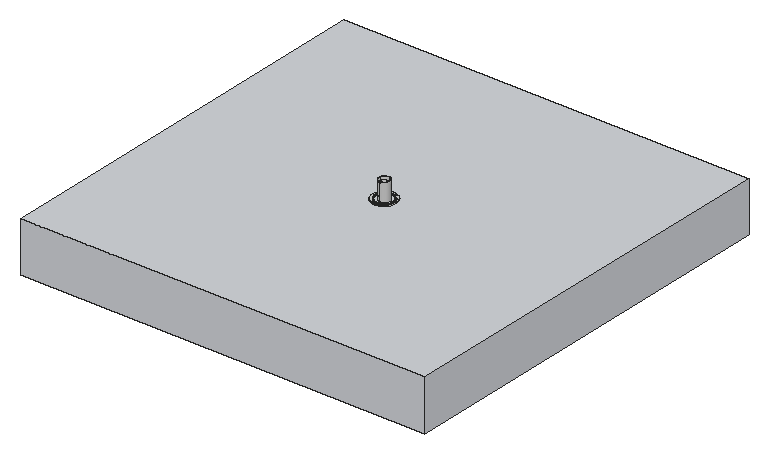
Revit family "LAMP_HANCE DOWNLIGHT SEMIRECESSED FLOOD 1000_2000", category Modelos genéricos, Revit 2015
Parameters (values of type "675LM 4000K 1000 BLACK")
  Weight = 0.79 kg
  Type = "COB PHILIPS"
  Tilting [instance] = if(Tilt < 0.00°, 180.00°, if(Tilt > 85.00°, 265.00°, Tilt + 180.00°))  # 180.00°
  Tilt [instance] = 0.00°
  Recessed diameter = 132 mm
  Protection rating = "IP20"
  Product datasheet = "http://www.lamp.es/product-files/TECH/HD1SR10FL840NBB-EN.pdf"
  Product code = "HD1SR10FL840NBB"
  Product URL = "https://www.lamp.es/en/family/hance-downlight_196363"
  Power Supply = "220-240V 50/60Hz"
  Power = 7 W
  Plum = 7.6 W
  Photometric web file = Cuerpo Hance BASE (tilting)_FL : 675LM 4000K 1000 BLACK
  Modelo = Product code  # "HD1SR10FL840NBB"
  Model explanation = "Availability of tilting between 0º and 85º when placed in a project."
  Material interior aro = LAMP_Aluminio Hance Negro
  Material aro = LAMP_Aluminio Hance Negro
  Manufacturer name = "LAMP"
  Manufacturer country = "Spain"
  Manufacturer URL = "http://www.lamp.es/en"
  MacAdam = "3"
  Luminaire type = "Indoor - Recessed downlight"
  Last update = "22/11/2019"
  Lamp = "COB LED"
  LED Lifetime = "50.000 L90 B10"
  Insulation class = "II"
  Installation instructions = "https://www.lamp.es/product-files/INS/1004410-B-INSTR.%20DE%20MONTAJE%20HANCE%20DOWNLIGHT.pdf"
  Initial intensity = 675 lm
  Initial color = 4000 K
  IEE = "A+"
  Gear = "Electronic"
  Finish = "Texturised white RAL 9010"
  Fabricante = Manufacturer name  # "LAMP"
  Default Elevation = 1219.2 mm
  Efficacy = 88.82 lm/W
  Diameter = 143 mm
  Descripción = "HANCE DOWN SEMIREC 1000 NW FL BK."
  Decorative ring [instance] = Aro decorativo (tilting) : Black
  Comentarios de tipo = Model explanation  # "Availability of tilting between 0º and 85º when placed in a project."
  CRI = "80"
Types (8, lengths in mm): name | Product datasheet | Product code | Power | Plum | Photometric web file | Modelo | Material aro | LED Lifetime | Initial intensity | Initial color | IEE | Finish | Efficacy | Descripción
  675LM 4000K 1000 BLACK | "http://www.lamp.es/product-files/TECH/HD1SR10FL840NBB-EN.pdf" | "HD1SR10FL840NBB" | 7 W | 7.6 W | Cuerpo Hance BASE (tilting)_FL : 675LM 4000K 1000 BLACK | "HD1SR10FL840NBB" | LAMP_Aluminio Hance Negro | "50.000 L90 B10" | 675 lm | 4000 K | "A+" | "Texturised white RAL 9010" | 88.82 lm/W | "HANCE DOWN SEMIREC 1000 NW FL BK."
  675LM 4000K 1000 WHITE | "http://www.lamp.es/product-files/TECH/HD1SR10FL840NBW-EN.pdf" | "HD1SR10FL840NBW" | 7 W | 7.6 W | Cuerpo Hance BASE (tilting)_FL : 675LM 4000K 1000 WHITE | "HD1SR10FL840NBW" | LAMP_Aluminio Hance Blanco | "50.000 L90 B10" | 675 lm | 4000 K | "A+" | "Texturised black RAL 9011" | 88.82 lm/W | "HANCE DOWN SEMIREC 1000 NW FL WH."
  697LM 3000K 1000 BLACK | "http://www.lamp.es/product-files/TECH/HD1SR10FL830NBB-EN.pdf" | "HD1SR10FL830NBB" | 7 W | 7.7 W | Cuerpo Hance BASE (tilting)_FL : 697LM 3000K 1000 BLACK | "HD1SR10FL830NBB" | LAMP_Aluminio Hance Negro | "50.000 L90 B10" | 697 lm | 3000 K | "A+" | "Texturised white RAL 9010" | 90.49 lm/W | "HANCE DOWN SEMIREC 1000 WW FL BK."
  697LM 3000K 1000 WHITE | "http://www.lamp.es/product-files/TECH/HD1SR10FL830NBW-EN.pdf" | "HD1SR10FL830NBW" | 7 W | 7.7 W | Cuerpo Hance BASE (tilting)_FL : 697LM 3000K 1000 WHITE | "HD1SR10FL830NBW" | LAMP_Aluminio Hance Blanco | "50.000 L90 B10" | 697 lm | 3000 K | "A+" | "Texturised black RAL 9011" | 90.49 lm/W | "HANCE DOWN SEMIREC 1000 WW FL WH."
  1445LM 3000K 2000 BLACK | "http://www.lamp.es/product-files/TECH/HD1SR20FL830NBB-EN.pdf" | "HD1SR20FL830NBB" | 18 W | 20.7 W | Cuerpo Hance BASE (tilting)_FL : 1445LM 3000K 2000 BLACK | "HD1SR20FL830NBB" | LAMP_Aluminio Hance Negro | "50.000 L80 B10" | 1445 lm | 3000 K | "A" | "Texturised black RAL 9011" | 69.83 lm/W | "HANCE DOWN SEMIREC 2000 WW FL BK."
  1445LM 3000K 2000 WHITE | "http://www.lamp.es/product-files/TECH/HD1SR20FL830NBW-EN.pdf" | "HD1SR20FL830NBW" | 18 W | 20.7 W | Cuerpo Hance BASE (tilting)_FL : 1445LM 3000K 2000 WHITE | "HD1SR20FL830NBW" | LAMP_Aluminio Hance Blanco | "50.000 L80 B10" | 1445 lm | 3000 K | "A" | "Texturised white RAL 9010" | 69.83 lm/W | "HANCE DOWN SEMIREC 2000 WW FL WH."
  1466LM 4000K 2000 BLACK | "http://www.lamp.es/product-files/TECH/HD1SR20FL840NBB-EN.pdf" | "HD1SR20FL840NBB" | 18 W | 20.6 W | Cuerpo Hance BASE (tilting)_FL : 1466LM 4000K 2000 BLACK | "HD1SR20FL840NBB" | LAMP_Aluminio Hance Negro | "50.000 L80 B10" | 1466 lm | 4000 K | "A" | "Texturised black RAL 9011" | 71.17 lm/W | "HANCE DOWN SEMIREC 2000 NW FL BK."
  1466LM 4000K 2000 WHITE | "http://www.lamp.es/product-files/TECH/HD1SR20FL840NBW-EN.pdf" | "HD1SR20FL840NBW" | 18 W | 20.6 W | Cuerpo Hance BASE (tilting)_FL : 1466LM 4000K 2000 WHITE | "HD1SR20FL840NBW" | LAMP_Aluminio Hance Blanco | "50.000 L80 B10" | 1466 lm | 4000 K | "A" | "Texturised white RAL 9010" | 71.17 lm/W | "HANCE DOWN SEMIREC 2000 NW FL WH."
Reference planes
  plane 1 "Centro (Frontal/Posterior)": y = 0
  plane 2: z = 0
  plane 3 "Centro (Izquierda/Derecha)": x = 0
Forms (mm)
  Extrusion 1, solid
    sketch origin (0, 0, 0) x (1, 0, 0) y (0, 1, 0)
      loop
        line (-1219.2, 1219.2) -> (-1219.2, -1219.2) -> (1219.2, -1219.2) -> (1219.2, 1219.2) -> (-1219.2, 1219.2)
    from 0 to -304.8
  Revolve 2, solid, material "LAMP_Aluminio Hance Negro" <- "Material aro"
    sketch origin (0, 0, 0) x (1, 0, 0) y (0, 0, 1)
      loop
        line (71.4, 0) -> (71.4, 1) -> (56.5, 1) -> (56.5, -70) -> (64.5, -70) -> (64.5, -69) -> (59, -69) -> (59, 0) -> (71.4, 0)
      axis (0, 1) -> (0, -70)
    angle from 0 to 360
  Revolve 3, solid, material "LAMP_Aluminio Hance Negro" <- "Material interior aro"
    sketch origin (0, 0, 0) x (1, 0, 0) y (0, 0, 1)
      loop
        arc (51.874, -0.646) -> (51.598, -1.016) -> (51.498, -1.466) r 1.1
        arc (51.498, -1.466) -> (49.354, -17.889) -> (43.277, -33.297) r 67.535
        arc (43.277, -33.297) -> (42.922, -33.665) -> (42.43, -33.8) r 0.965
        line (42.43, -33.8) -> (0, -33.8) -> (0, -34.8) -> (42.43, -34.8)
        arc (42.43, -34.8) -> (42.922, -34.665) -> (43.277, -34.297) r 0.965
        arc (43.277, -34.297) -> (49.354, -18.889) -> (51.498, -2.466) r 67.535
        arc (51.498, -2.466) -> (51.598, -2.016) -> (51.874, -1.646) r 1.1
        arc (51.874, -1.646) -> (53.912, -0.425) -> (56.25, 0) r 6.641
        line (56.25, 0) -> (56.25, 1)
        arc (56.25, 1) -> (53.912, 0.575) -> (51.874, -0.646) r 6.641
      axis (0, 1) -> (0, -34.8)
    angle from 0 to 360
  Extrusion 4, void
    sketch origin (0, 0, 0) x (1, 0, 0) y (0, 1, 0)
      loop
        line (7.1, 33.5) -> (-7.105, 33.5)
        arc (-7.105, 33.5) -> (-40.605, 0) -> (-7.105, -33.5) r 33.5
        line (-7.105, -33.5) -> (7.1, -33.5)
        arc (7.1, -33.5) -> (40.6, 0) -> (7.1, 33.5) r 33.5
    from -41.216 to -28.478
Cuts and joins
  Extrusion 4 cuts Revolve 3
Text (mm)
  text "Any modification of the parameters and properties of the LAMP BIM models must be executed and validated by the LAMP technical department.\n\nPhone: +34 93 736 68 00\n\nE-mail: lamp@lamp.es\n\n\n\nLAMP reserves the right to modify the technical specifications of its products." at (39771.841, -40794.867, 40621.237), in view "Preview"
Dimensions and locks
  aligned and locked: plane 2 to Extrusion 1
  aligned and locked: level to Extrusion 1
Nested families
  nested 1: "Cuerpo Hance BASE (tilting)_FL" at (0, 1.967, 38.338), type <- "Photometric web file", type "675LM 4000K 1000 BLACK"
    with Tilting 180.00°
  nested 2: "Aro decorativo (tilting)" at (-27.9, 0, 12.518), type <- "Decorative ring", type "Black"
    with Tilting 0.00°
Connectors
  electrical at (-16.363, 0, -30.5)
    settings: on nested 1, index 1, voltage 230 V, apparent load 0 VA, apparent load phase1 0 VA, apparent load phase2 0 VA, apparent load phase3 0 VA, power factor 1, load classification "Otro", number of poles 1, system type 31, power factor state 1, is connector primary yes, connector utility no, sub classification motor no, connector description ""
Definition of nested family "Cuerpo Hance BASE (tilting)_FL"
  Parameters (values of type "675LM 4000K 1000 BLACK")
    Tilting = 90.00°
    Photometric web file = Cuerpo Hance BASE_FL : 675LM 4000K 1000 BLACK
    Longitud cuerpo = 135 mm
    Default Elevation = 1219.2 mm
  Types (17, lengths in mm): name | Photometric web file
    (no name) | Cuerpo Hance BASE_FL : 675LM 4000K 1000 BLACK
    675LM 4000K 1000 BLACK | Cuerpo Hance BASE_FL : 675LM 4000K 1000 BLACK
    675LM 4000K 1000 WHITE | Cuerpo Hance BASE_FL : 675LM 4000K 1000 WHITE
    697LM 3000K 1000 BLACK | Cuerpo Hance BASE_FL : 697LM 3000K 1000 BLACK
    697LM 3000K 1000 WHITE | Cuerpo Hance BASE_FL : 697LM 3000K 1000 WHITE
    1445LM 3000K 2000 BLACK | Cuerpo Hance BASE_FL : 1445LM 3000K 2000 BLACK
    1445LM 3000K 2000 WHITE | Cuerpo Hance BASE_FL : 1445LM 3000K 2000 WHITE
    1466LM 4000K 2000 BLACK | Cuerpo Hance BASE_FL : 1466LM 4000K 2000 BLACK
    1466LM 4000K 2000 WHITE | Cuerpo Hance BASE_FL : 1466LM 4000K 2000 WHITE
    2686LM 4000K 3000 BLACK | Cuerpo Hance BASE_FL : 2686LM 4000K 3000 BLACK
    2686LM 4000K 3000 WHITE | Cuerpo Hance BASE_FL : 2686LM 4000K 3000 WHITE
    2740LM 3000K 3000 BLACK | Cuerpo Hance BASE_FL : 2740LM 3000K 3000 BLACK
    2740LM 3000K 3000 WHITE | Cuerpo Hance BASE_FL : 2740LM 3000K 3000 WHITE
    3695LM 3000K 4000 BLACK | Cuerpo Hance BASE_FL : 3695LM 3000K 4000 BLACK
    3695LM 3000K 4000 WHITE | Cuerpo Hance BASE_FL : 3695LM 3000K 4000 WHITE
    3845LM 4000K 4000 BLACK | Cuerpo Hance BASE_FL : 3845LM 4000K 4000 BLACK
    3845LM 4000K 4000 WHITE | Cuerpo Hance BASE_FL : 3845LM 4000K 4000 WHITE
  Reference planes
    plane 1 "Centro (Frontal/Posterior)": y = 0
    plane 2: z = 0
    plane 3 "Centro (Izquierda/Derecha)": x = 0
  Lines and regions (mm)
    reference lines
      curve 1: line (0, 0, 0) -> (200, 0, 0)
  Dimensions and locks
    "Tilting": angle plane 3 "Centro (Izquierda/Derecha)" to curve 1
    aligned and locked: level to plane 2
    aligned and locked: plane 3 "Centro (Izquierda/Derecha)" to curve 1
    aligned and locked: plane 2 to curve 1
  Nested families
    nested 1: "Cuerpo Hance BASE_FL" at (-27.838, -1.967, 27.875), type <- "Photometric web file", type "675LM 4000K 1000 BLACK"
  Definition of nested family "Cuerpo Hance BASE_FL"
    Parameters (values of type "675LM 4000K 1000 BLACK")
      Tilt Angle = 90.00° + Tilting  # 180.00°
      Wattage = 7.6 W
      Tilting = 90.00°
      built-in parameter 1150107 = 4000 (stored number, unit not read)
      Radio vacio posterior = Radio cuerpo - 2.2 mm  # 30.3 mm
      Radio vaciado = Radio cuerpo - 1.5 mm  # 31 mm
      Radio cuerpo = if(Longitud cuerpo = 100 mm, 45 mm, 32.5 mm)  # 32.5 mm
      built-in parameter 1150110 = 1 (stored number, unit not read)
      built-in parameter 1150109 = 1 (stored number, unit not read)
      built-in parameter 1150112 = 1 (stored number, unit not read)
      built-in parameter 1150113 = 1 (stored number, unit not read)
      built-in parameter 1114218 = 1 (stored number, unit not read)
      built-in parameter 1150137 = (empty or 0)
      built-in parameter 1150132 = 2
      Material reflector = none
      Material cuerpo = none
      Material COB = none
      Longitud cuerpo = 135 mm
      Long. origen luz = if(Longitud cuerpo = 100 mm, 20 mm, if(Longitud cuerpo = 170 mm, 55 mm, 90 mm))  # 90 mm
      L_3 = if(Ancho disipador posterior = 80.4 mm, 39.6 mm, 12 mm)  # 12 mm
      L_2 = if(Ancho disipador posterior = 80.4 mm, 36.3 mm, 22.6 mm)  # 22.6 mm
      L_1 = if(Ancho disipador posterior = 80.4 mm, 36.8 mm, 25.4 mm)  # 25.4 mm
      built-in parameter 1150105 = 2229.4 (stored number, unit not read)
      built-in parameter 1150102 = (empty or 0)
      built-in parameter 1150106 = 22.294 (stored number, unit not read)
      Lumens = 675.032 lm
      Color Filter = 16777215
      built-in parameter 1114217 = 1 (stored number, unit not read)
      built-in parameter 1150139 = (empty or 0)
      Default Elevation = 1219.2 mm
      built-in parameter 1150104 = 8.2516 (stored number, unit not read)
      Diametro aro = if(Radio cuerpo = 45 mm, 42.9 mm, 30.4 mm)  # 30.4 mm
      built-in parameter 1150115 = 1 (stored number, unit not read)
      built-in parameter 1150114 = 1 (stored number, unit not read)
      built-in parameter 1150138 = (empty or 0)
      built-in parameter 1150134 = 12
      Dimming Lamp Color Temperature Shift = (empty or 0)
      Photometric Web File = "HD1RE10FL840NBB.IES"
      Ancho vaciado reflector = if(Radio cuerpo = 45 mm, 34.4 mm, 21.9 mm)  # 21.9 mm
      Ancho reflector = if(Radio cuerpo = 45 mm, 35.4 mm, 22.9 mm)  # 22.9 mm
      Ancho disipador posterior = if(Radio cuerpo = 32.5 mm, 53 mm, 80.4 mm)  # 53 mm
      built-in parameter 1150133 = 10 (stored number, unit not read)
      Altura disipador superior = if(Radio cuerpo = 45 mm, 23.9 mm, 36.9 mm)  # 36.9 mm
      Ancho disipador superior = if(Radio cuerpo = 45 mm, 28 mm, 22.6 mm)  # 22.6 mm
    Types (16, lengths in mm): name | Wattage | built-in parameter 1150107 | Radio vacio posterior | Radio vaciado | Radio cuerpo | Longitud cuerpo | Long. origen luz | L_3 | L_2 | L_1 | built-in parameter 1150105 | built-in parameter 1150106 | Lumens | built-in parameter 1150104 | Diametro aro | built-in parameter 1150134 | Photometric Web File | Ancho vaciado reflector | Ancho reflector | Ancho disipador posterior | Altura disipador superior | Ancho disipador superior
      675LM 4000K 1000 BLACK | 7.6 W | 4000 (stored number, unit not read) | 30.3 | 31 | 32.5 | 135 | 90 | 12 | 22.6 | 25.4 | 2229.4 (stored number, unit not read) | 22.294 (stored number, unit not read) | 675.032 lm | 8.2516 (stored number, unit not read) | 30.4 | 12 | "HD1RE10FL840NBB.IES" | 21.9 | 22.9 | 53 | 36.9 | 22.6
      675LM 4000K 1000 WHITE | 7.6 W | 4000 (stored number, unit not read) | 30.3 | 31 | 32.5 | 135 | 90 | 12 | 22.6 | 25.4 | 2229.4 (stored number, unit not read) | 22.294 (stored number, unit not read) | 675.032 lm | 8.2516 (stored number, unit not read) | 30.4 | 12 | "HD1RE10FL840NBW.IES" | 21.9 | 22.9 | 53 | 36.9 | 22.6
      697LM 3000K 1000 BLACK | 7.7 W | 3000 (stored number, unit not read) | 30.3 | 31 | 32.5 | 135 | 90 | 12 | 22.6 | 25.4 | 1447 (stored number, unit not read) | 14.47 (stored number, unit not read) | 696.773 lm | 8.4068 (stored number, unit not read) | 30.4 | (empty or 0) | "HD1RE10FL830NBB.IES" | 21.9 | 22.9 | 53 | 36.9 | 22.6
      697LM 3000K 1000 WHITE | 7.7 W | 3000 (stored number, unit not read) | 30.3 | 31 | 32.5 | 135 | 90 | 12 | 22.6 | 25.4 | 1447 (stored number, unit not read) | 14.47 (stored number, unit not read) | 696.773 lm | 8.4068 (stored number, unit not read) | 30.4 | (empty or 0) | "HD1RE10FL830NBW.IES" | 21.9 | 22.9 | 53 | 36.9 | 22.6
      1445LM 3000K 2000 BLACK | 20.7 W | 3000 (stored number, unit not read) | 30.3 | 31 | 32.5 | 135 | 90 | 12 | 22.6 | 25.4 | 3001.7 (stored number, unit not read) | 30.017 (stored number, unit not read) | 1445.48 lm | 6.4874 (stored number, unit not read) | 30.4 | (empty or 0) | "HD1RE20FL830NBB.IES" | 21.9 | 22.9 | 53 | 36.9 | 22.6
      1445LM 3000K 2000 WHITE | 20.7 W | 3000 (stored number, unit not read) | 30.3 | 31 | 32.5 | 135 | 90 | 12 | 22.6 | 25.4 | 3001.7 (stored number, unit not read) | 30.017 (stored number, unit not read) | 1445.48 lm | 6.4874 (stored number, unit not read) | 30.4 | (empty or 0) | "HD1RE20FL830NBW.IES" | 21.9 | 22.9 | 53 | 36.9 | 22.6
      1466LM 4000K 2000 BLACK | 20.6 W | 4000 (stored number, unit not read) | 30.3 | 31 | 32.5 | 135 | 90 | 12 | 22.6 | 25.4 | 2960 (stored number, unit not read) | 29.6 (stored number, unit not read) | 1466.1 lm | 6.6119 (stored number, unit not read) | 30.4 | 12 | "HD1RE20FL840NBB.IES" | 21.9 | 22.9 | 53 | 36.9 | 22.6
      1466LM 4000K 2000 WHITE | 20.6 W | 4000 (stored number, unit not read) | 30.3 | 31 | 32.5 | 135 | 90 | 12 | 22.6 | 25.4 | 2960 (stored number, unit not read) | 29.6 (stored number, unit not read) | 1466.1 lm | 6.6119 (stored number, unit not read) | 30.4 | 12 | "HD1RE20FL840NBB.IES" | 21.9 | 22.9 | 53 | 36.9 | 22.6
      2686LM 4000K 3000 BLACK | 27.8 W | 4000 (stored number, unit not read) | 42.8 | 43.5 | 45 | 100 | 20 | 39.6 | 36.3 | 36.8 | 5423.1 (stored number, unit not read) | 54.231 (stored number, unit not read) | 2686.04 lm | 8.9763 (stored number, unit not read) | 42.9 | 12 | "HD1RE30FL840NBB.IES" | 34.4 | 35.4 | 80.4 | 23.9 | 28
      2686LM 4000K 3000 WHITE | 27.8 W | 4000 (stored number, unit not read) | 42.8 | 43.5 | 45 | 100 | 20 | 39.6 | 36.3 | 36.8 | 5423.1 (stored number, unit not read) | 54.231 (stored number, unit not read) | 2686.04 lm | 8.9763 (stored number, unit not read) | 42.9 | 12 | "HD1RE30FL840NBW.IES" | 34.4 | 35.4 | 80.4 | 23.9 | 28
      2740LM 3000K 3000 BLACK | 28.2 W | 3000 (stored number, unit not read) | 42.8 | 43.5 | 45 | 100 | 20 | 39.6 | 36.3 | 36.8 | 8235.7 (stored number, unit not read) | 82.357 (stored number, unit not read) | 2739.91 lm | 9.0265 (stored number, unit not read) | 42.9 | (empty or 0) | "HD1RE30FL830NBB.IES" | 34.4 | 35.4 | 80.4 | 23.9 | 28
      2740LM 3000K 3000 WHITE | 28.2 W | 3000 (stored number, unit not read) | 42.8 | 43.5 | 45 | 100 | 20 | 39.6 | 36.3 | 36.8 | 8235.7 (stored number, unit not read) | 82.357 (stored number, unit not read) | 2739.91 lm | 9.0265 (stored number, unit not read) | 42.9 | (empty or 0) | "HD1RE30FL830NBW.IES" | 34.4 | 35.4 | 80.4 | 23.9 | 28
      3695LM 3000K 4000 BLACK | 37.6 W | 3000 (stored number, unit not read) | 42.8 | 43.5 | 45 | 100 | 20 | 39.6 | 36.3 | 36.8 | 294.06 (stored number, unit not read) | 2.9406 (stored number, unit not read) | 3695.33 lm | 9.1305 (stored number, unit not read) | 42.9 | (empty or 0) | "HD1RE40FL830NBB.IES" | 34.4 | 35.4 | 80.4 | 23.9 | 28
      3695LM 3000K 4000 WHITE | 37.6 W | 3000 (stored number, unit not read) | 42.8 | 43.5 | 45 | 100 | 20 | 39.6 | 36.3 | 36.8 | 294.06 (stored number, unit not read) | 2.9406 (stored number, unit not read) | 3695.33 lm | 9.1305 (stored number, unit not read) | 42.9 | (empty or 0) | "HD1RE40FL830NBB.IES" | 34.4 | 35.4 | 80.4 | 23.9 | 28
      3845LM 4000K 4000 BLACK | 37.6 W | 4000 (stored number, unit not read) | 42.8 | 43.5 | 45 | 100 | 20 | 39.6 | 36.3 | 36.8 | 11268 (stored number, unit not read) | 112.68 (stored number, unit not read) | 3844.98 lm | 9.5003 (stored number, unit not read) | 42.9 | 12 | "HD1RE40FL840NBB.IES" | 34.4 | 35.4 | 80.4 | 23.9 | 28
      3845LM 4000K 4000 WHITE | 37.6 W | 4000 (stored number, unit not read) | 42.8 | 43.5 | 45 | 100 | 20 | 39.6 | 36.3 | 36.8 | 11268 (stored number, unit not read) | 112.68 (stored number, unit not read) | 3844.98 lm | 9.5003 (stored number, unit not read) | 42.9 | 12 | "HD1RE40FL840NBW.IES" | 34.4 | 35.4 | 80.4 | 23.9 | 28
    Reference planes
      plane 1 "Centro (Frontal/Posterior)": y = 0
      plane 2: z = 0
      plane 3 "Centro (Izquierda/Derecha)": x = 0
    Forms (mm)
      Extrusion 1, solid, material <- "Material cuerpo"
        sketch origin (0, 0, 0) x (0, -1, 0) y (0, 0, 1)
          loop
            circle (0, -27.875) r 32.5
        from -93 to 42
      Extrusion 2, void
        sketch origin (0, 0, 0) x (0, 1, 0) y (0, 0, 1)
          loop
            line (11.3, 30) -> (-11.3, 30) -> (-11.3, -6.9)
            arc (-11.3, -6.9) -> (0, -7.855) -> (11.3, -6.9) r 67.349
            line (11.3, -6.9) -> (11.3, 30)
        from -42 to 9.4
      Extrusion 3, void
        sketch origin (0, 0, 0) x (0, 1, 0) y (0, 0, 1)
          loop
            circle (0, -27.875) r 30.3
        from -42 to -41
      Extrusion 4, void
        sketch origin (0, 0, 0) x (0, 1, 0) y (0, 0, 1)
          loop
            line (26.5, -26.291) -> (-26.5, -26.291)
            arc (-26.5, -26.291) -> (-27.7, -27.491) -> (-26.5, -28.691) r 1.2
            line (-26.5, -28.691) -> (26.5, -28.691)
            arc (26.5, -28.691) -> (27.7, -27.491) -> (26.5, -26.291) r 1.2
          loop
            line (26.115, -30.891) -> (-26.115, -30.891)
            arc (-26.115, -30.891) -> (-27.315, -32.091) -> (-26.115, -33.291) r 1.2
            line (-26.115, -33.291) -> (26.115, -33.291)
            arc (26.115, -33.291) -> (27.315, -32.091) -> (26.115, -30.891) r 1.2
          loop
            line (25.4, -35.55) -> (-24.915, -35.55)
            arc (-24.915, -35.55) -> (-26.115, -36.75) -> (-24.915, -37.95) r 1.2
            line (-24.915, -37.95) -> (25.4, -37.95)
            arc (25.4, -37.95) -> (26.6, -36.75) -> (25.4, -35.55) r 1.2
          loop
            line (22.6, -40.091) -> (-22.64, -40.091)
            arc (-22.64, -40.091) -> (-23.84, -41.291) -> (-22.64, -42.491) r 1.2
            line (-22.64, -42.491) -> (22.6, -42.491)
            arc (22.6, -42.491) -> (23.8, -41.291) -> (22.6, -40.091) r 1.2
          loop
            line (19.043, -44.691) -> (-19.086, -44.691)
            arc (-19.086, -44.691) -> (-20.286, -45.891) -> (-19.086, -47.091) r 1.2
            line (-19.086, -47.091) -> (19.043, -47.091)
            arc (19.043, -47.091) -> (20.243, -45.891) -> (19.043, -44.691) r 1.2
          loop
            line (15.357, -49.291) -> (-15.5, -49.291)
            arc (-15.5, -49.291) -> (-16.6, -50.391) -> (-15.5, -51.491) r 1.1
            line (-15.5, -51.491) -> (15.357, -51.491)
            arc (15.357, -51.491) -> (16.457, -50.391) -> (15.357, -49.291) r 1.1
          loop
            line (6, -53.691) -> (-6, -53.691)
            arc (-6, -53.691) -> (-7.1, -54.791) -> (-6, -55.891) r 1.1
            line (-6, -55.891) -> (6, -55.891)
            arc (6, -55.891) -> (7.1, -54.791) -> (6, -53.691) r 1.1
        from -42 to -38.7
      Extrusion 5, void
        sketch origin (0, 0, 0) x (-1, 0, 0) y (0, -1, 0)
          loop
            line (37.7, -9.12) -> (37.7, 9.12)
            arc (37.7, 9.12) -> (36.6, 10.22) -> (35.5, 9.12) r 1.1
            line (35.5, 9.12) -> (35.5, -9.12)
            arc (35.5, -9.12) -> (36.6, -10.22) -> (37.7, -9.12) r 1.1
          loop
            line (28.9, -9.12) -> (28.9, 9.12)
            arc (28.9, 9.12) -> (27.8, 10.22) -> (26.7, 9.12) r 1.1
            line (26.7, 9.12) -> (26.7, -9.12)
            arc (26.7, -9.12) -> (27.8, -10.22) -> (28.9, -9.12) r 1.1
          loop
            line (20.1, -9.12) -> (20.1, 9.12)
            arc (20.1, 9.12) -> (19, 10.22) -> (17.9, 9.12) r 1.1
            line (17.9, 9.12) -> (17.9, -9.12)
            arc (17.9, -9.12) -> (19, -10.22) -> (20.1, -9.12) r 1.1
        from -51.491 to 30
      Extrusion 6, void
        sketch origin (0, 0, 0) x (-1, 0, 0) y (0, -1, 0)
          loop
            line (33.3, -9.12) -> (33.3, 9.12)
            arc (33.3, 9.12) -> (32.2, 10.22) -> (31.1, 9.12) r 1.1
            line (31.1, 9.12) -> (31.1, -9.12)
            arc (31.1, -9.12) -> (32.2, -10.22) -> (33.3, -9.12) r 1.1
          loop
            line (24.5, -9.12) -> (24.5, 9.12)
            arc (24.5, 9.12) -> (23.4, 10.22) -> (22.3, 9.12) r 1.1
            line (22.3, 9.12) -> (22.3, -9.12)
            arc (22.3, -9.12) -> (23.4, -10.22) -> (24.5, -9.12) r 1.1
        from -8.232 to 30
      Extrusion 7, void
        sketch origin (0, 0, 0) x (0, 1, 0) y (0, 0, 1)
          loop
            circle (0, -27.875) r 31
        from 17.213 to 93
      Revolve 8, solid, material <- "Material reflector"
        sketch origin (0, 0, 0) x (1, 0, 0) y (0, 0, 1)
          loop
            line (60.5, -27.875) -> (80.818, -27.875) -> (80.818, -4.975) -> (60.5, -19.875) -> (60.5, -27.875)
          axis (60.5, -27.875) -> (80.818, -27.875)
        angle from 0 to 360
      Revolve 9, void
        sketch origin (0, 0, 0) x (1, 0, 0) y (0, 0, 1)
          loop
            line (80.818, -5.975) -> (61.5, -20.142) -> (60.5, -20.142) -> (60.5, -27.875) -> (61.5, -27.875) -> (80.818, -27.875) -> (80.818, -5.975)
          axis (80.818, -27.875) -> (60.5, -27.875)
        angle from 0 to 360
      Extrusion 10, solid, material <- "Material COB"
        sketch origin (0, 0, 0) x (0, -1, 0) y (0, 0, 1)
          loop
            circle (0, -27.875) r 7.733
        from -61.5 to -60.5
    Cuts and joins
      Extrusion 2, Extrusion 3, Extrusion 4, Extrusion 5, Extrusion 6, Extrusion 7 cuts Extrusion 1
      Revolve 9 cuts Revolve 8
    Lines and regions (mm)
      reference lines
        curve 1: line (0, 0, 0) -> (178.042, 0, 0)
        curve 2: line (93, 0, -27.875) -> (183, 0, -27.875)
        curve 3: line (0, 0, 0) -> (0, 0, -75)
        curve 4: line (93, 0, -22.875) -> (93, 0, -32.875)
    Text (mm)
      text "Any modification of the parameters and properties of the LAMP BIM models must be executed and validated by the LAMP technical department.\n\nPhone: +34 93 736 68 00\n\nE-mail: lamp@lamp.es\n\n\n\nLAMP reserves the right to modify the technical specifications of its products." at (97482.136, -81600.41, 57308.082), in view "Preview"
    Dimensions and locks
      locked: Revolve 9 sketch curve to cut or joined group of Extrusion 1, Extrusion 2, Extrusion 3, Extrusion 4, Extrusion 5, Extrusion 6, Extrusion 7 at 12.182
      "Longitud cuerpo": cut or joined group of Extrusion 1, Extrusion 2, Extrusion 3, Extrusion 4, Extrusion 5, Extrusion 6, Extrusion 7 to cut or joined group of Extrusion 1, Extrusion 2, Extrusion 3, Extrusion 4, Extrusion 5, Extrusion 6, Extrusion 7
      locked: cut or joined group of Extrusion 1, Extrusion 2, Extrusion 3, Extrusion 4, Extrusion 5, Extrusion 6, Extrusion 7 to curve 3 at 42
      locked: cut or joined group of Revolve 8, Revolve 9 to cut or joined group of Extrusion 1, Extrusion 2, Extrusion 3, Extrusion 4, Extrusion 5, Extrusion 6, Extrusion 7 at 12.182
      locked: cut or joined group of Revolve 8, Revolve 9 to cut or joined group of Revolve 8, Revolve 9 at 20.318
      locked: cut or joined group of Extrusion 1, Extrusion 2, Extrusion 3, Extrusion 4, Extrusion 5, Extrusion 6, Extrusion 7 to Extrusion 10 at 31.5
      locked: Extrusion 10 to Extrusion 10 at 1
      "Long. origen luz": curve 4 to curve 2
      equal spacing: Extrusion 4 sketch curve, plane 1 "Centro (Frontal/Posterior)", Extrusion 4 sketch curve  (x2)
      "Ancho disipador posterior": Extrusion 4 sketch curve to Extrusion 4 sketch curve
      "L_1": Extrusion 4 sketch curve to plane 1 "Centro (Frontal/Posterior)"
      "L_2": Extrusion 4 sketch curve to curve 3
      "L_3": Extrusion 4 sketch curve to Extrusion 4 sketch curve
      equal spacing: Extrusion 2 sketch curve, plane 1 "Centro (Frontal/Posterior)", Extrusion 2 sketch curve
      "Ancho disipador superior": Extrusion 2 sketch curve to Extrusion 2 sketch curve
      "Altura disipador superior": Extrusion 2 sketch curve to Extrusion 2 sketch curve
      locked: plane 2 to Extrusion 2 sketch curve at 30
      "Ancho reflector": Revolve 8 sketch curve to imposter light
      "Ancho vaciado reflector": Revolve 9 sketch curve to imposter light
      "Radio cuerpo": radius of Extrusion 1 sketch curve
      "Radio vaciado": radius of Extrusion 7 sketch curve
      "Radio vacio posterior": radius of Extrusion 3 sketch curve
      "Tilting": angle plane 3 "Centro (Izquierda/Derecha)" to curve 1
      aligned and locked: level to plane 2
      aligned and locked: imposter light to curve 2  (x2)
      aligned and locked: cut or joined group of Extrusion 1, Extrusion 2, Extrusion 3, Extrusion 4, Extrusion 5, Extrusion 6, Extrusion 7 to cut or joined group of Extrusion 1, Extrusion 2, Extrusion 3, Extrusion 4, Extrusion 5, Extrusion 6, Extrusion 7
    Automatic sketch dimensions
      curve 1 to Extrusion 5 sketch curve = 17.9 mm
      Extrusion 5 sketch curve to Extrusion 5 sketch curve = 1.1 mm  (x3)
      Extrusion 5 sketch curve to Extrusion 5 sketch curve = 6.6 mm  (x2)
      Extrusion 5 sketch curve to curve 1 = 9.12 mm  (x2)
      Extrusion 5 sketch curve to Extrusion 5 sketch curve = 0 mm  (x3)
      curve 1 to Extrusion 5 sketch curve = 9.12 mm
      curve 1 to Extrusion 6 sketch curve = 22.3 mm
      Extrusion 6 sketch curve to Extrusion 6 sketch curve = 1.1 mm  (x2)
      Extrusion 6 sketch curve to Extrusion 6 sketch curve = 6.6 mm
      Extrusion 6 sketch curve to curve 1 = 9.12 mm
      Extrusion 6 sketch curve to Extrusion 6 sketch curve = 0 mm  (x2)
      curve 1 to Extrusion 6 sketch curve = 9.12 mm
      Extrusion 10 sketch curve to plane 1 "Centro (Frontal/Posterior)" = 0 mm
      Extrusion 1 sketch curve to plane 1 "Centro (Frontal/Posterior)" = 0 mm
      Extrusion 1 sketch curve to level = 27.875 mm
      Extrusion 2 sketch curve to plane 1 "Centro (Frontal/Posterior)" = 0 mm
      Extrusion 2 sketch curve to Extrusion 2 sketch curve = 29.494 mm
      Extrusion 3 sketch curve to plane 1 "Centro (Frontal/Posterior)" = 0 mm
      Extrusion 3 sketch curve to level = 27.875 mm
      Extrusion 4 sketch curve to Extrusion 4 sketch curve = 0.385 mm  (x2)
      Extrusion 4 sketch curve to Extrusion 4 sketch curve = 1.2 mm  (x6)
      Extrusion 4 sketch curve to Extrusion 4 sketch curve = 2.276 mm
      Extrusion 4 sketch curve to Extrusion 4 sketch curve = 3.554 mm
      Extrusion 4 sketch curve to Extrusion 4 sketch curve = 3.586 mm
      Extrusion 4 sketch curve to Extrusion 4 sketch curve = 9.357 mm
      Extrusion 4 sketch curve to Extrusion 4 sketch curve = 3.557 mm
      Extrusion 4 sketch curve to level = 55.891 mm
      Extrusion 4 sketch curve to Extrusion 4 sketch curve = 1.1 mm  (x2)
      Extrusion 4 sketch curve to Extrusion 4 sketch curve = 2.2 mm  (x4)
      Extrusion 4 sketch curve to Extrusion 4 sketch curve = 2.141 mm
      Extrusion 4 sketch curve to Extrusion 4 sketch curve = 2.259 mm
      Extrusion 7 sketch curve to plane 1 "Centro (Frontal/Posterior)" = 0 mm
      Extrusion 7 sketch curve to level = 27.875 mm
      curve 1 to Revolve 8 sketch curve = 19.875 mm
      curve 1 to Revolve 8 sketch curve = 60.5 mm
      Revolve 8 sketch curve to Revolve 8 sketch curve = 20.318 mm
      Revolve 8 sketch curve to Revolve 8 sketch curve = 8 mm
      Revolve 8 sketch curve to Revolve 8 sketch curve = 0 mm  (x2)
      Revolve 8 sketch curve to Revolve 8 sketch curve = 9.682 mm
      Revolve 9 sketch curve to Revolve 9 sketch curve = 19.318 mm
      Revolve 9 sketch curve to Revolve 9 sketch curve = 0 mm  (x3)
      Revolve 9 sketch curve to Revolve 9 sketch curve = 1 mm
      curve 1 to Revolve 9 sketch curve = 20.142 mm
      Revolve 9 sketch curve to Revolve 9 sketch curve = 7.733 mm
      Revolve 9 sketch curve to Revolve 9 sketch curve = 9.682 mm
      curve 1 to level = 0 mm
      curve 1 to plane 3 "Centro (Izquierda/Derecha)" = 0 mm
      curve 3 to curve 1 = 0 mm  (x2)
      curve 3 to curve 1 = 75 mm
      curve 1 to curve 4 = 32.875 mm
      curve 4 to curve 1 = 85.042 mm
      curve 2 to curve 1 = 27.875 mm
      curve 2 to curve 4 = 5 mm
      radius of Extrusion 10 sketch curve = 7.733 mm
Definition of nested family "Aro decorativo (tilting)"
  Parameters (values of type "Copper")
    Weight (3000/4000) = 0.016 kg
    Weight (1000/2000) = 0.01 kg
    Tilting = 90.00°
    Product datasheet = ""
    Product code (3000/4000) = "HSRI90C"
    Product code (1000/2000) = "HSRI65C"
    Product URL = ""
    Model = ""
    Material aro = none
    Manufacturer name = "LAMP"
    Manufacturer country = "Spain"
    Manufacturer URL = "http://www.lamp.es/en"
    Longitud = 63.6 mm
    Last update = "21/05/2018"
    Installation instructions = ""
    Finish = "Metalized matt copper"
    Manufacturer = Manufacturer name  # "LAMP"
    Default Elevation = 1219.2 mm
    Diameter (3000/4000) = 90 mm
    Diameter (1000/2000) = 65 mm
    Description = ""
    Accessory Type = "Optic"
    3000/4000 Model = "HSRI90C"
    3000/4000 Description = "HANCE 3000/4000 ACC. RING DECO CO."
    1000/2000 Model = "HSRI65C"
    1000/2000 Description = "HANCE 1000/2000 ACC. RING DECO CO."
  Types (5, lengths in mm): name | Product code (3000/4000) | Product code (1000/2000) | Finish | 3000/4000 Model | 3000/4000 Description | 1000/2000 Model | 1000/2000 Description
    (no name) | "HSRI90C" | "HSRI65C" | "Metalized matt copper" | "HSRI90C" | "HANCE 3000/4000 ACC. RING DECO CO." | "HSRI65C" | "HANCE 1000/2000 ACC. RING DECO CO."
    Black | "HSRI90B" | "HSRI65B" | "Matt black" | "HSRI90B" | "HANCE 3000/4000 ACC. RING DECO BK." | "HSRI65B" | "HANCE 1000/2000 ACC. RING DECO BK."
    Copper | "HSRI90C" | "HSRI65C" | "Metalized matt copper" | "HSRI90C" | "HANCE 3000/4000 ACC. RING DECO CO." | "HSRI65C" | "HANCE 1000/2000 ACC. RING DECO CO."
    Grey | "HSRI90M" | "HSRI65M" | "Metalized matt silver" | "HSRI90M" | "HANCE 3000/4000 ACC. RING DECO MET." | "HSRI65M" | "HANCE 1000/2000 ACC. RING DECO MET."
    White | "HSRI90W" | "HSRI65W" | "Matt White" | "HSRI90W" | "HANCE 3000/4000 ACC. RING DECO WH." | "HSRI65W" | "HANCE 1000/2000 ACC. RING DECO WH."
  Reference planes
    plane 1 "Centro (Frontal/Posterior)": y = 0
    plane 2: z = 0
    plane 3 "Centro (Izquierda/Derecha)": x = 0
  Lines and regions (mm)
    reference lines
      curve 1: line (0, 0, 0) -> (0, 0, -27.9)
      curve 2: line (0, 0, -27.9) -> (80.8, 0, -27.9)
  Text (mm)
    text "Any modification of the parameters and properties of the LAMP BIM models must be executed and validated by the LAMP technical department.\n\nPhone: +34 93 736 68 00\n\nE-mail: lamp@lamp.es\n\n\n\nLAMP reserves the right to modify the technical specifications of its products." at (86527.204, -96597.187, 50741.736), in view "Preview"
  Dimensions and locks
    "Tilting": angle curve 1 to plane 2
    aligned and locked: level to plane 2
    aligned and locked: plane 3 "Centro (Izquierda/Derecha)" to curve 1
    aligned and locked: plane 2 to curve 1
  Automatic sketch dimensions
    curve 2 to curve 1 = 0 mm
    curve 1 to curve 2 = 0 mm
    curve 1 to curve 2 = 80.8 mm
  Nested families
    nested 1: "Aro decorativo" at (17.2, 0, 0), type "Copper"
  Definition of nested family "Aro decorativo"
    Parameters (values of type "Copper")
      Weight (3000/4000) = 0.016 kg
      Weight (1000/2000) = 0.01 kg
      Product datasheet = ""
      Product code (3000/4000) = "HSRI90C"
      Product code (1000/2000) = "HSRI65C"
      Product URL = ""
      Model = ""
      Material aro = none
      Manufacturer name = "LAMP"
      Manufacturer country = "Spain"
      Manufacturer URL = "http://www.lamp.es/en"
      Longitud = 63.6 mm
      Last update = "21/05/2018"
      Installation instructions = ""
      Finish = "Metalized matt copper"
      Manufacturer = Manufacturer name  # "LAMP"
      Default Elevation = 1219.2 mm
      Diametro vaciado aro interior = if(Diametro aro interior = 35.4 mm, 34.4 mm, 21.9 mm)  # 21.9 mm
      Diametro vaciado aro exterior = if(Diametro aro exterior = 42.9 mm, 41.9 mm, 29.4 mm)  # 29.4 mm
      Diametro aro interior = if(Diametro aro exterior = 42.9 mm, 35.4 mm, 22.9 mm)  # 22.9 mm
      Diametro aro exterior = if(Longitud = 138.6 mm, 42.9 mm, 30.4 mm)  # 30.4 mm
      Diameter (3000/4000) = 90 mm
      Diameter (1000/2000) = 65 mm
      Description = ""
      Accessory Type = "Optic"
      3000/4000 Model = "HSRI90C"
      3000/4000 Description = "HANCE 3000/4000 ACC. RING DECO CO."
      1000/2000 Description = "HANCE 1000/2000 ACC. RING DECO CO."
      1000/2000 Model = "HSRI65C"
    Types (5, lengths in mm): name | Product code (3000/4000) | Product code (1000/2000) | Finish | 3000/4000 Model | 3000/4000 Description | 1000/2000 Description | 1000/2000 Model
      (no name) | "HSRI90C" | "HSRI65C" | "Metalized matt copper" | "HSRI90C" | "HANCE 3000/4000 ACC. RING DECO CO." | "HANCE 1000/2000 ACC. RING DECO CO." | "HSRI65C"
      Black | "HSRI90B" | "HSRI65B" | "Matt black" | "HSRI90B" | "HANCE 3000/4000 ACC. RING DECO BK." | "HANCE 1000/2000 ACC. RING DECO BK." | "HSRI65B"
      Copper | "HSRI90C" | "HSRI65C" | "Metalized matt copper" | "HSRI90C" | "HANCE 3000/4000 ACC. RING DECO CO." | "HANCE 1000/2000 ACC. RING DECO CO." | "HSRI65C"
      Grey | "HSRI90M" | "HSRI65M" | "Metalized matt silver" | "HSRI90M" | "HANCE 3000/4000 ACC. RING DECO MET." | "HANCE 1000/2000 ACC. RING DECO MET." | "HSRI65M"
      White | "HSRI90W" | "HSRI65W" | "Matt white" | "HSRI90W" | "HANCE 3000/4000 ACC. RING DECO WH." | "HANCE 1000/2000 ACC. RING DECO WH." | "HSRI65W"
    Reference planes
      plane 1 "Centro (Frontal/Posterior)": y = 0
      plane 2: z = 0
      plane 3 "Centro (Izquierda/Derecha)": x = 0
    Forms (mm)
      Revolve 1, solid, material <- "Material aro"
        sketch origin (0, 0, -27.9) x (1, 0, 0) y (0, 0, 1)
          loop
            line (63.6, 0) -> (73.782, 0) -> (73.782, 30.4) -> (63.6, 22.9) -> (63.6, 0)
          axis (73.782, 0) -> (63.6, 0)
        angle from 0 to 360
      Revolve 2, void
        sketch origin (0, 0, -27.9) x (1, 0, 0) y (0, 0, 1)
          loop
            line (73.782, 29.4) -> (63.6, 21.9) -> (63.6, 0) -> (73.782, 0) -> (73.782, 29.4)
          axis (63.6, 0) -> (73.782, 0)
        angle from 0 to 360
    Cuts and joins
      Revolve 2 cuts Revolve 1
    Lines and regions (mm)
      reference lines
        curve 1: line (0, 0, -27.9) -> (63.6, 0, -27.9)
    Text (mm)
      text "Any modification of the parameters and properties of the LAMP BIM models must be executed and validated by the LAMP technical department.\n\nPhone: +34 93 736 68 00\n\nE-mail: lamp@lamp.es\n\n\n\nLAMP reserves the right to modify the technical specifications of its products." at (91886.357, -93022.329, 47898.266), in view "Preview"
    Dimensions and locks
      "Diametro aro exterior": Revolve 1 sketch curve to Revolve 1 sketch curve
      "Diametro vaciado aro exterior": Revolve 2 sketch curve to Revolve 2 sketch curve
      "Longitud": curve 1 to plane 3 "Centro (Izquierda/Derecha)"
      "Diametro aro interior": Revolve 1 sketch curve to Revolve 1 sketch curve
      "Diametro vaciado aro interior": Revolve 2 sketch curve to Revolve 2 sketch curve
      aligned and locked: level to plane 2
    Automatic sketch dimensions
      Revolve 1 sketch curve to curve 1 = 0 mm  (x4)
      curve 1 to Revolve 1 sketch curve = 10.182 mm
      Revolve 1 sketch curve to Revolve 1 sketch curve = 0 mm
      Revolve 2 sketch curve to curve 1 = 0 mm  (x3)
      curve 1 to Revolve 2 sketch curve = 10.182 mm
      Revolve 2 sketch curve to curve 1 = 1261.008 mm
      Revolve 2 sketch curve to Revolve 2 sketch curve = 1898.983 mm
      curve 1 to plane 3 "Centro (Izquierda/Derecha)" = 0 mm
      curve 1 to level = 27.9 mm
